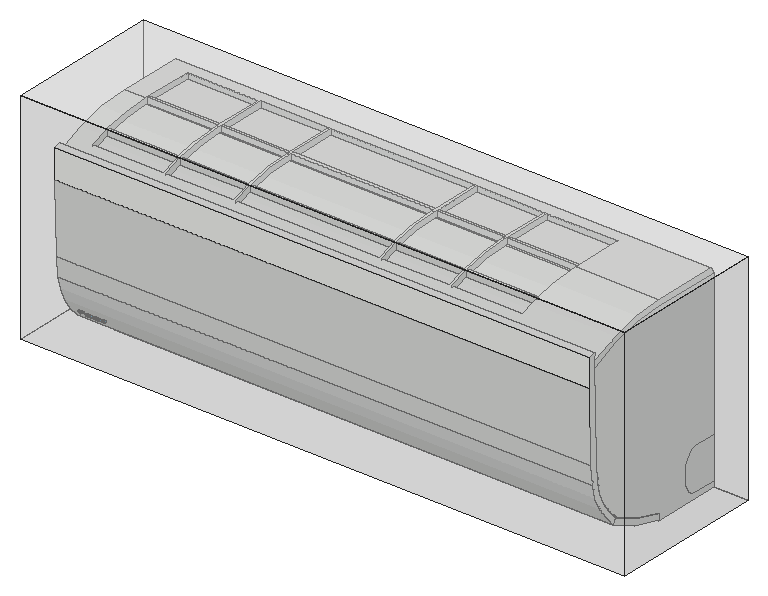
Revit family "outputfile", category 機械設備, Revit 2024
Family settings
  丸型コネクタ寸法 = 半径を使用
  パーツ タイプ = 標準
  OmniClass 番号 = 23.75.10.24.21.27.27
  OmniClass タイトル = Split System Air Conditioning Units
  作業面ベース = いいえ
  常に垂直 = はい
  ロード時にボイドで切り取り = いいえ
  注釈の向きを維持 = いいえ
  共有 = いいえ
  部屋計算ポイント = いいえ
Parameters (values of type "FTKF35T2VMA")
  Description = ""
  書き出し IFC クラス(タイプ) = "IfcUnitaryEquipmentType"
  定義済み IFC タイプ(タイプ) = "AIRCONDITIONINGUNIT"
  Cost = 0
  Type Comments = ""
  Keynote = ""
  Type Image = (empty or 0)
  Assembly Code = ""
  w_wall hole = if(Width = 770.0 mm, 48.0 mm, 60.0 mm)  # 48.0 mm
  製造元 = "Daikin"
  モデル = "FTKF35T2VMA"
  switch_frequency = yes
  r_Liquid Pipe Size = Liquid Pipe Size / 2  # 3.2 mm
  r_Gas Pipe Size = Gas Pipe Size / 2  # 4.75 mm
  r_Drain Pipe Size = Drain Pipe Size / 2  # 8.0 mm
  lw_powersupply [instance] = if(Width = 770.0 mm, if(or(Rear Right Connection_refrigerant, Bottom Right Connection_refrigerant), 25.0 mm, if(or(Rear Left Connection_refrigerant, Bottom Left Connection_refrigerant), 745.0 mm, 400.0 mm)), if(Width = 990.0 mm, if(or(Rear Right Connection_refrigerant, Bottom Right Connection_refrigerant), 40.0 mm, if(or(Rear Left Connection_refrigerant, Bottom Left Connection_refrigerant), 920.0 mm, 400.0 mm)), if(or(Rear Right Connection_refrigerant, Bottom Right Connection_refrigerant), 40.0 mm, if(or(Rear Left Connection_refrigerant, Bottom Left Connection_refrigerant), 920.0 mm, 400.0 mm))))  # 400.0 mm
  lw_liquidpipe [instance] = if(Width = 770.0 mm, if(or(Rear Right Connection_refrigerant, Bottom Right Connection_refrigerant), 0.0 mm, if(or(Rear Left Connection_refrigerant, Bottom Left Connection_refrigerant), 664.0 mm, 385.0 mm)), if(Width = 990.0 mm, if(or(Rear Right Connection_refrigerant, Bottom Right Connection_refrigerant), 0.0 mm, if(or(Rear Left Connection_refrigerant, Bottom Left Connection_refrigerant), 664.0 mm + (990.0 mm - 770.0 mm), 475.0 mm)), if(or(Rear Right Connection_refrigerant, Bottom Right Connection_refrigerant), 0.0 mm, if(or(Rear Left Connection_refrigerant, Bottom Left Connection_refrigerant), 664.0 mm + (990.0 mm - 770.0 mm), 475.0 mm))))  # 385.0 mm
  lw_gaspipe [instance] = if(Width = 770.0 mm, if(or(Rear Right Connection_refrigerant, Bottom Right Connection_refrigerant), 0.0 mm, if(or(Rear Left Connection_refrigerant, Bottom Left Connection_refrigerant), 675.0 mm, if(Gas Pipe Size = 12.7 mm, 345.0 mm, 335.0 mm))), if(Width = 990.0 mm, if(or(Rear Right Connection_refrigerant, Bottom Right Connection_refrigerant), 10.0 mm, if(or(Rear Left Connection_refrigerant, Bottom Left Connection_refrigerant), 890.0 mm, if(Gas Pipe Size = 15.9 mm, 400.0 mm, 400.0 mm))), if(or(Rear Right Connection_refrigerant, Bottom Right Connection_refrigerant), 10.0 mm, if(or(Rear Left Connection_refrigerant, Bottom Left Connection_refrigerant), 890.0 mm, if(Gas Pipe Size = 15.9 mm, 400.0 mm, 400.0 mm)))))  # 335.0 mm
  lw_drainpipe [instance] = if(Width = 770.0 mm, if(or(Rear Right Connection_refrigerant, Bottom Right Connection_refrigerant), 0.0 mm, if(or(Rear Left Connection_refrigerant, Bottom Left Connection_refrigerant), 770.0 mm - 48.0 mm - 48.0 mm, 440.0 mm)), if(Width = 990.0 mm, if(or(Rear Right Connection_refrigerant, Bottom Right Connection_refrigerant), 0.0 mm, if(or(Rear Left Connection_refrigerant, Bottom Left Connection_refrigerant), 675.0 mm + (990.0 mm - 770.0 mm), 435.0 mm)), if(or(Rear Right Connection_refrigerant, Bottom Right Connection_refrigerant), 0.0 mm, if(or(Rear Left Connection_refrigerant, Bottom Left Connection_refrigerant), 675.0 mm + (990.0 mm - 770.0 mm), 435.0 mm))))  # 440.0 mm
  l_powersupply_length [instance] = if(Width = 770.0 mm, if(Right Connection_refrigerant, 400.0 mm, if(Left Connection_refrigerant, 770.0 mm - 400.0 mm, if(or(Rear Left Connection_refrigerant, Rear Right Connection_refrigerant), 15.0 mm, 50.0 mm))), if(Width = 990.0 mm, if(Right Connection_refrigerant, 400.0 mm, if(Left Connection_refrigerant, 990.0 mm - 400.0 mm, if(or(Rear Left Connection_refrigerant, Rear Right Connection_refrigerant), 15.0 mm, 50.0 mm))), if(Right Connection_refrigerant, 400.0 mm, if(Left Connection_refrigerant, 990.0 mm - 400.0 mm, if(or(Rear Left Connection_refrigerant, Rear Right Connection_refrigerant), 15.0 mm, 50.0 mm)))))  # 400.0 mm
  l_liquidpipe_length [instance] = if(Width = 770.0 mm, if(Right Connection_refrigerant, 433.0 mm, if(Left Connection_refrigerant, 337.0 mm, if(or(Rear Left Connection_refrigerant, Rear Right Connection_refrigerant), 30.0 mm, 40.0 mm))), if(Width = 990.0 mm, if(Right Connection_refrigerant, 535.0 mm, if(Left Connection_refrigerant, 455.0 mm, if(or(Rear Left Connection_refrigerant, Rear Right Connection_refrigerant), 30.0 mm, 40.0 mm))), if(Right Connection_refrigerant, 535.0 mm, if(Left Connection_refrigerant, 455.0 mm, if(or(Rear Left Connection_refrigerant, Rear Right Connection_refrigerant), 30.0 mm, 40.0 mm)))))  # 433.0 mm
  l_gaspipe_length [instance] = if(Width = 770.0 mm, if(Right Connection_refrigerant, if(Gas Pipe Size = 12.7 mm, 393.0 mm, 383.0 mm), if(Left Connection_refrigerant, if(Gas Pipe Size = 12.7 mm, 770.0 mm - 393.0 mm, 770.0 mm - 383.0 mm), if(or(Rear Left Connection_refrigerant, Rear Right Connection_refrigerant), 40.0 mm, 50.0 mm))), if(Width = 990.0 mm, if(Right Connection_refrigerant, if(Gas Pipe Size = 15.9 mm, 460.0 mm, 460.0 mm), if(Left Connection_refrigerant, if(Gas Pipe Size = 15.9 mm, 990.0 mm - 460.0 mm, 990.0 mm - 460.0 mm), if(or(Rear Left Connection_refrigerant, Rear Right Connection_refrigerant), 40.0 mm, 50.0 mm))), if(Right Connection_refrigerant, if(Gas Pipe Size = 15.9 mm, 460.0 mm, 460.0 mm), if(Left Connection_refrigerant, if(Gas Pipe Size = 15.9 mm, 990.0 mm - 460.0 mm, 990.0 mm - 460.0 mm), if(or(Rear Left Connection_refrigerant, Rear Right Connection_refrigerant), 40.0 mm, 50.0 mm)))))  # 383.0 mm
  l_drainpipe_length [instance] = if(Width = 770.0 mm, if(Right Connection_refrigerant, 488.0 mm, if(Left Connection_refrigerant, 282.0 mm, if(or(Rear Left Connection_refrigerant, Rear Right Connection_refrigerant), 15.0 mm, 20.0 mm))), if(Width = 990.0 mm, if(Right Connection_refrigerant, 495.0 mm, if(Left Connection_refrigerant, 495.0 mm, if(or(Rear Left Connection_refrigerant, Rear Right Connection_refrigerant), 15.0 mm, 20.0 mm))), if(Right Connection_refrigerant, 495.0 mm, if(Left Connection_refrigerant, 495.0 mm, if(or(Rear Left Connection_refrigerant, Rear Right Connection_refrigerant), 15.0 mm, 20.0 mm)))))  # 488.0 mm
  h*** = 0.0 mm  # constant formula
  connector_voltage = Voltage_50Hz  # 230 V
  connector_powerinput = [Power Input (Cooling)]  # 0.000 kW
  connector_phase = Phase_50Hz  # 1
  angle_vertical [instance] = if(or(Bottom Left Connection_refrigerant, Bottom Right Connection_refrigerant), 0.00°, 90.00°)  # 90.00°
  angle_horizontal [instance] = if(Right Connection_refrigerant, 90.00°, if(Left Connection_refrigerant, -90.00°, if(or(Rear Left Connection_refrigerant, Rear Right Connection_refrigerant), 180.00°, 0.00°)))  # 90.00°
  Width = 770.0 mm
  Voltage_comment_50Hz = "220 - 240"
  Voltage_50Hz = 230 V
  Version = "ver.1.0"
  Unit Type = "Wall Mounted"
  Unit Mass Weight = 9.00 kg
  Unit Designation [instance] = ""
  Uniclass2015Version = "Products v1.30"
  Uniclass2015Title = "Split coil room air conditioning units"
  Uniclass2015Code = "Pr_70_65_03_86"
  URL = ""
  Total Cooling Capacity [instance] = 0.000 kW
  Sound Pressure Level_M speed (dBA) = 35
  Sound Pressure Level_L speed (dBA) = 28
  Sound Pressure Level_H speed (dBA) = 42
  Sound Power Level_H speed (dB) = 0
  Series = "Single Split_Fan Coil Unit"
  Sensible Cooling Capacity [instance] = 0.000 kW
  Refrigerant Type = "R32"
  Power Input (Cooling) = 0.000 kW
  Phase_50Hz = 1
  Option Accessory 3 [instance] = ""
  Option Accessory 2 [instance] = ""
  Option Accessory 1 [instance] = ""
  Nominal Cooling Capacity = 3.500 kW
  Minimum Circuit Amps_50Hz = 0.0 A
  Minimum Airflow = 342.00 m³/h
  Median Airflow = 456.00 m³/h
  Maximum Fuse Amps_50Hz = 0.0 A
  Maximum Airflow = 624.00 m³/h
  Material_Casing = DAIKIN_PureWhite_Casing_indoorunit
  Load Classification = HVAC
  Liquid Pipe Size = 6.4 mm
  Link_Nested Family [instance] = ""
  IfcVersion = ""
  IfcExportType = "AIRCONDITIONINGUNIT"
  IfcExportAs = "IfcUnitaryEquipmentType"
  Height = 285.0 mm
  Heat Exchanger Type = "Cross Fin Coil"
  Gas Pipe Size = 9.5 mm
  Frequency_50Hz = 50 Hz
  Fan Type = "Cross Flow Fan"
  Fan Drive = "Direct Drive"
  FCU Tag No. [instance] = ""
  Drain Pipe Size = 16.0 mm
  Design Supply Airflow [instance] = 0.00 m³/h
  Depth = 223.0 mm
  既定の高さ = 0.0 mm
  Cooling Entering Wet Bulb Temperature [instance] = 0.00 °C
  Cooling Entering Dry Bulb Temperature [instance] = 0.00 °C
  Cooling Ambient Wet Bulb Temperature [instance] = 0.00 °C
  Cooling Ambient Dry Bulb Temperature [instance] = 0.00 °C
  Clearance visibility [instance] = yes
  Clearance Top = 30.0 mm
  Clearance Right = 50.0 mm
  Clearance Rear = 0.0 mm
  Clearance Left = 50.0 mm
  Clearance Front = 0.0 mm
  Clearance Bottom = 0.0 mm
  Bottom Right Connection_refrigerant [instance] = no
  Bottom Left Connection_refrigerant [instance] = no
  Rear Right Connection_refrigerant [instance] = no
  Rear Left Connection_refrigerant [instance] = no
  Right Connection_refrigerant [instance] = yes
  Left Connection_refrigerant [instance] = no
Reference planes
  plane 1 "Back": y = 0
  plane 2: z = 0
  plane 3 "Center (Left/Right)": x = 0
  plane 4 "Center (Front/Back)": y = -111.5
  plane 5 "Front": y = -223
  plane 6 "Left": x = -385
  plane 7 "Right": x = 385
  plane 8 "Top": z = 0
  plane 9 "Bottom": z = -285
  plane 10: x = -435
  plane 11: x = 435
  plane 12: y = 0
  plane 13: y = -223
  plane 14: z = 30
  plane 15: z = -285
  plane 16 "lw_Piping and Wiring intake": x = 337
  plane 17 "lw_gaspipe": x = 2
  plane 18 "lw_liquidpipe": x = -48
  plane 19 "lw_drainpipe": x = -103
  plane 20 "lh_drainpipe": z = -265
  plane 21 "lh_liquidpipe": z = -245
  plane 22 "lh_gaspipe": z = -235
  plane 23 "ld_drainpipe": y = -15
  plane 24 "ld_liquidpipe": y = -30
  plane 25 "ld_gaspipe": y = -40
  plane 26 "lw_powersupply": x = -15
Dimensions and locks
  equal spacing: plane 6 "Left", plane 3 "Center (Left/Right)", plane 7 "Right"
  "Width": plane 6 "Left" to plane 7 "Right"
  equal spacing: plane 5 "Front", plane 4 "Center (Front/Back)", plane 1 "Back"
  "Depth": plane 5 "Front" to plane 1 "Back"
  "Height": plane 8 "Top" to plane 9 "Bottom"
  "Clearance Rear": plane 12 to plane 1 "Back"
  "Clearance Front": plane 13 to plane 5 "Front"
  "Clearance Top": plane 14 to plane 8 "Top"
  "Clearance Bottom": plane 9 "Bottom" to plane 15
  "w_wall hole": plane 16 "lw_Piping and Wiring intake" to plane 7 "Right"
  "lw_gaspipe": plane 17 "lw_gaspipe" to plane 16 "lw_Piping and Wiring intake"
  "lw_liquidpipe": plane 18 "lw_liquidpipe" to plane 16 "lw_Piping and Wiring intake"
  "lw_drainpipe": plane 19 "lw_drainpipe" to plane 16 "lw_Piping and Wiring intake"
  locked: plane 20 "lh_drainpipe" to plane 9 "Bottom" at 20
  locked: plane 21 "lh_liquidpipe" to plane 9 "Bottom" at 40
  locked: plane 22 "lh_gaspipe" to plane 9 "Bottom" at 50
  locked: plane 23 "ld_drainpipe" to plane 1 "Back" at 15
  locked: plane 1 "Back" to plane 24 "ld_liquidpipe" at 30
  locked: plane 1 "Back" to plane 25 "ld_gaspipe" at 40
  "lw_powersupply": plane 26 "lw_powersupply" to plane 7 "Right"
  "Clearance Left": plane 10 to plane 6 "Left"
  "Clearance Right": plane 7 "Right" to plane 11
  aligned and locked: level to plane 2
  aligned and locked: plane 12 to nested 1
  aligned and locked: nested 1 to plane 13
  aligned and locked: plane 10 to nested 1
  aligned and locked: plane 11 to nested 1
  aligned and locked: plane 15 to nested 1
  aligned and locked: plane 14 to nested 1
  aligned and locked: plane 17 "lw_gaspipe" to nested 2
  aligned and locked: nested 2 to plane 25 "ld_gaspipe"
  aligned and locked: plane 18 "lw_liquidpipe" to nested 3
  aligned and locked: nested 3 to plane 24 "ld_liquidpipe"
  aligned and locked: plane 19 "lw_drainpipe" to nested 4
  aligned and locked: nested 4 to plane 23 "ld_drainpipe"
  aligned and locked: nested 5 to plane 23 "ld_drainpipe"
  aligned and locked: plane 26 "lw_powersupply" to nested 5
  aligned and locked: level to plane 8 "Top"
  aligned and locked: plane 3 "Center (Left/Right)" to nested 6
  aligned and locked: plane 1 "Back" to nested 6
  aligned and locked: plane 8 "Top" to nested 6
Nested families
  nested 1: "daikin_clearancespace" at (0, -111.5, -127.381), show <- "Clearance visibility", visible <- "Clearance visibility", Link_Nested Family <- "Link_Nested Family", type "daikin_clearancespace"
    with width 870.0 mm, show yes, height 315.0 mm, depth 223.0 mm, Link_Nested Family ""
  nested 2: "daikin_connector_rotate3" at (2, -40, -235), angle_vertical <- "angle_vertical", angle_horizontal <- "angle_horizontal", length <- "l_gaspipe_length", radius <- "r_Gas Pipe Size", type "daikin_connector_rotate3"
    with show no, radius 4.75 mm, length 383.0 mm, angle_vertical 90.00°, angle_horizontal 90.00°
  nested 3: "daikin_connector_rotate3" at (-48, -30, -245), angle_vertical <- "angle_vertical", angle_horizontal <- "angle_horizontal", radius <- "r_Liquid Pipe Size", length <- "l_liquidpipe_length", type "daikin_connector_rotate3"
    with show no, radius 3.2 mm, length 433.0 mm, angle_vertical 90.00°, angle_horizontal 90.00°
  nested 4: "daikin_connector_rotate3" at (-103, -15, -265), angle_vertical <- "angle_vertical", angle_horizontal <- "angle_horizontal", length <- "l_drainpipe_length", radius <- "r_Drain Pipe Size", type "daikin_connector_rotate3"
    with show no, radius 8.0 mm, length 488.0 mm, angle_vertical 90.00°, angle_horizontal 90.00°
  nested 5: "daikin_connector_rotate3" at (-15, -15, -235), angle_vertical <- "angle_vertical", angle_horizontal <- "angle_horizontal", length <- "l_powersupply_length", type "daikin_connector_rotate3"
    with show no, radius 10.0 mm, length 400.0 mm, angle_vertical 90.00°, angle_horizontal 90.00°
  nested 6: "DAIKIN_indoorunit_FTKF-T2VMA" at (-31, 0, 0), type "FTKF-T2VMA"
Connectors
  piping at (385, -40, -235), diameter 9.5, driven by "r_Gas Pipe Size"
    settings: on nested 2, index 1, connector inside diameter 609.6 mm, connector length 0.0 mm, flow factor 0, pipe flow 0.00 m³/h, pressure drop 0.0 Pa, fitting loss kfactor 0, connector angle 0.00°, fixture units 0, engagement length 0.0 mm, angle of deflection 0.00°, flow configuration 1, flow direction 2, fitting loss method 0, system type 29, joint type 0, gender type 0, connector reference index -1, connector utility 0, adjustable connector no, is connector primary yes, connector description "Refrigerant Gas Piping"
  piping at (385, -30, -245), diameter 6.4, driven by "r_Liquid Pipe Size"
    settings: on nested 3, index 2, connector inside diameter 609.6 mm, connector length 0.0 mm, flow factor 0, pipe flow 0.00 m³/h, pressure drop 0.0 Pa, fitting loss kfactor 0, connector angle 0.00°, fixture units 0, engagement length 0.0 mm, angle of deflection 0.00°, flow configuration 1, flow direction 1, fitting loss method 0, system type 29, joint type 0, gender type 0, connector reference index -1, connector utility 0, adjustable connector no, is connector primary no, connector description "Refrigerant Liquid Piping"
  piping at (385, -15, -265), diameter 16, driven by "r_Drain Pipe Size"
    settings: on nested 4, index 3, connector inside diameter 609.6 mm, connector length 0.0 mm, flow factor 0, pipe flow 0.00 m³/h, pressure drop 0.0 Pa, fitting loss kfactor 0, connector angle 0.00°, fixture units 0, engagement length 0.0 mm, angle of deflection 0.00°, flow configuration 1, flow direction 2, fitting loss method 4, system type 16, joint type 0, gender type 0, connector reference index -1, connector utility 0, adjustable connector no, is connector primary no, connector description "Condensate Drain Piping"
  electrical at (385, -15, -235), driven by "Load Classification", driven by "connector_voltage", driven by "connector_powerinput", driven by "connector_phase"
    settings: on nested 5, index 4, voltage 230 V, apparent load 0 VA, apparent load phase1 0 VA, apparent load phase2 0 VA, apparent load phase3 0 VA, power factor 1, load classification "HVAC", number of poles 1, system type 30, power factor state 1, is connector primary yes, connector utility no, sub classification motor no, connector description "Power Supply"
Definition of nested family "daikin_clearancespace"
  Parameters (values of type "daikin_clearancespace")
    Description = "daikin_clearancespace"
    width [instance] = 1823.963 mm
    show [instance] = yes
    material = none
    height [instance] = 1359.762 mm
    depth [instance] = 880.0 mm
    Default Elevation = 0.0 mm
    Link_Nested Family [instance] = ""
  Reference planes
    plane 1 "Center (Front/Back)": y = 0
    plane 2 "Center (Elevation)": z = -0.119
    plane 3 "Center (Left/Right)": x = 0
    plane 4: y = 440
    plane 5: y = -440
    plane 6 "Right": x = 911.982
    plane 7 "Left": x = -911.982
    plane 8 "Top": z = 679.762
    plane 9 "Bottom": z = -680
  Forms (mm)
    Extrusion 1, solid, material <- "material", visible <- "show"
      sketch origin (0, 0, 0) x (1, 0, 0) y (0, 1, 0)
        loop
          line (-911.982, 440) -> (-911.982, -440) -> (911.982, -440) -> (911.982, 440) -> (-911.982, 440)
      from -680 to 679.762
  Lines and regions (mm)
    symbolic lines, visible <- "show"
      curve 1: line (911.982, 440, 0) -> (-911.982, 440, 0)
      curve 2: line (-911.982, 440, 0) -> (-911.982, -440, 0)
      curve 3: line (-911.982, -440, 0) -> (911.982, -440, 0)
      curve 4: line (911.982, -440, 0) -> (911.982, 440, 0)
      curve 5: line (911.982, 0, 679.762) -> (-911.982, 0, 679.762)
      curve 6: line (911.982, 0, -680) -> (911.982, 0, 679.762)
      curve 7: line (-911.982, 0, -680) -> (911.982, 0, -680)
      curve 8: line (-911.982, 0, 679.762) -> (-911.982, 0, -680)
      curve 9: line (0, 440, 679.762) -> (0, -440, 679.762)
      curve 10: line (0, -440, 679.762) -> (0, -440, -680)
      curve 11: line (0, 440, -680) -> (0, 440, 679.762)
      curve 12: line (0, -440, -680) -> (0, 440, -680)
  Dimensions and locks
    "width": plane 7 "Left" to plane 6 "Right"
    "depth": plane 4 to plane 5
    "height": plane 8 "Top" to plane 9 "Bottom"
    equal spacing: plane 7 "Left", plane 3 "Center (Left/Right)", plane 6 "Right"
    equal spacing: plane 4, plane 1 "Center (Front/Back)", plane 5
    equal spacing: plane 8 "Top", plane 2 "Center (Elevation)", plane 9 "Bottom"
    aligned and locked: level to plane 2 "Center (Elevation)"
    aligned and locked: Extrusion 1 sketch curve to plane 4
    aligned and locked: plane 7 "Left" to Extrusion 1 sketch curve
    aligned and locked: Extrusion 1 sketch curve to plane 5
    aligned and locked: Extrusion 1 sketch curve to plane 6 "Right"
    aligned and locked: plane 8 "Top" to Extrusion 1
    aligned and locked: curve 1 to Extrusion 1
    aligned and locked: curve 2 to Extrusion 1
    aligned and locked: curve 3 to Extrusion 1
    aligned and locked: curve 4 to Extrusion 1
    aligned and locked: curve 5 to Extrusion 1
    aligned and locked: curve 6 to Extrusion 1
    aligned and locked: curve 7 to Extrusion 1
    aligned and locked: curve 8 to Extrusion 1
    aligned and locked: curve 9 to Extrusion 1
    aligned and locked: curve 10 to Extrusion 1
    aligned and locked: curve 11 to Extrusion 1
    aligned and locked: curve 12 to Extrusion 1
    aligned and locked: Extrusion 1 to plane 9 "Bottom"
Definition of nested family "DAIKIN_indoorunit_FTKF-T2VMA"
  Parameters (values of type "FTKF-TVMA")
    switch_unit1_60-71 = Width = 990.0 mm  # no
    switch_unit1_20-50 = Width = 770.0 mm  # yes
    Width = 770.0 mm
    WALL HOLE-R = if(Width = 770.0 mm, 48.0 mm, 60.0 mm)  # 48.0 mm
    WALL HOLE Size = if(Width = 770.0 mm, 65.0 mm, 80.0 mm)  # 65.0 mm
    Material_Casing = none
    Height = if(Width = 770.0 mm, 285.0 mm, 295.0 mm)  # 285.0 mm
    Default Elevation = 0.0 mm
  Reference planes
    plane 1 "Center (Front/Back)": y = 0
    plane 2 "reference_level": z = 0
    plane 3 "Center (Left/Right)": x = 31
    plane 4: x = -354
    plane 5: x = 416
    plane 6: z = -285
  Forms (mm)
    Extrusion 1, solid, material <- "Material_Casing", visible <- "switch_unit1_20-50"
      sketch origin (29, 0, 0) x (0, 1, 0) y (0, 0, 1)
        loop
          line (-5, 0) -> (-98, 0)
          arc (-98, 0) -> (-157.611, -7.211) -> (-213.783, -28.427) r 250
          arc (-213.783, -28.427) -> (-213.842, -32.972) -> (-213.892, -37.516) r 2191
          arc (-213.892, -37.516) -> (-157.832, -15.495) -> (-98.07, -8) r 242
          line (-98.07, -8) -> (0, -8) -> (-5, 0)
      from -383 to 387
    Extrusion 2, solid, material <- "Material_Casing", visible <- "switch_unit1_20-50"
      sketch origin (416, 1296.25, 1200) x (0, 1, 0) y (0, 0, 1)
        loop
          line (-1472.998, -1446.91) -> (-1476.998, -1453.839)
          arc (-1476.998, -1453.839) -> (-1437.481, -1472.422) -> (-1395.25, -1483.538) r 240
          line (-1395.25, -1483.538) -> (-1395.25, -1475.422)
          arc (-1395.25, -1475.422) -> (-1435.407, -1464.663) -> (-1472.998, -1446.91) r 232
      from 0 to -47.5
    Extrusion 3, solid, material <- "Material_Casing", visible <- "switch_unit1_20-50"
      sketch origin (29, 0, 0) x (0, 1, 0) y (0, 0, 1)
        loop
          arc (-223, -60.455) -> (-222.414, -110.646) -> (-220.656, -160.81) r 2149.92
          arc (-220.656, -160.81) -> (-219.65, -174.299) -> (-217.853, -187.706) r 229.911
          arc (-217.853, -187.706) -> (-205.371, -223.594) -> (-181.517, -253.17) r 111
          line (-181.517, -253.17) -> (-177.429, -246.093)
          arc (-177.429, -246.093) -> (-198.77, -218.989) -> (-209.965, -186.36) r 103
          arc (-209.965, -186.36) -> (-211.681, -173.586) -> (-212.651, -160.735) r 221.844
          arc (-212.651, -160.735) -> (-214.739, -93.233) -> (-214.74, -25.699) r 2186.828
          arc (-214.74, -25.699) -> (-214.671, -21.467) -> (-214.594, -17.235) r 2192
          line (-214.594, -17.235) -> (-223, -19.961) -> (-223, -60.455)
      from -383 to 387
    Extrusion 4, solid, material <- "Material_Casing", visible <- "switch_unit1_20-50"
      sketch origin (29, 0, -20) x (0, 1, 0) y (0, 0, 1)
        loop
          line (0, -265) -> (0, 12) -> (-98.07, 12)
          arc (-98.07, 12) -> (-157.832, 4.505) -> (-213.892, -17.516) r 242
          arc (-213.892, -17.516) -> (-213.638, -79.114) -> (-211.653, -140.681) r 2191
          arc (-211.653, -140.681) -> (-210.685, -153.501) -> (-208.973, -166.243) r 221
          arc (-208.973, -166.243) -> (-197.471, -199.282) -> (-175.482, -226.491) r 102
          arc (-175.482, -226.491) -> (-138.004, -244.019) -> (-98, -254.579) r 231
          line (-98, -254.579) -> (-98, -265) -> (0, -265)
      from -383 to 387
    Extrusion 5, solid, material <- "Material_Casing", visible <- "switch_unit1_20-50"
      sketch origin (-354, 1296.25, 1200) x (0, 1, 0) y (0, 0, 1)
        loop
          line (-1472.998, -1446.91) -> (-1476.998, -1453.839)
          arc (-1476.998, -1453.839) -> (-1437.481, -1472.422) -> (-1395.25, -1483.538) r 240
          line (-1395.25, -1483.538) -> (-1395.25, -1475.422)
          arc (-1395.25, -1475.422) -> (-1435.407, -1464.663) -> (-1472.998, -1446.91) r 232
      from 47 to 0
    Extrusion 6, solid, material <- "Material_Casing", visible <- "switch_unit1_20-50"
      sketch origin (416, 1296.25, 1200) x (0, 1, 0) y (0, 0, 1)
        loop
          line (-1472.998, -1446.91) -> (-1476.998, -1453.839)
          arc (-1476.998, -1453.839) -> (-1443.437, -1470.168) -> (-1407.75, -1481.097) r 240
          line (-1407.75, -1481.097) -> (-1407.75, -1472.894)
          arc (-1407.75, -1472.894) -> (-1441.363, -1462.385) -> (-1472.998, -1446.91) r 232
      from -116.993 to -48.493
    Extrusion 7, solid, material <- "Material_Casing", visible <- "switch_unit1_20-50"
      sketch origin (416, 1296.25, 1200) x (0, 1, 0) y (0, 0, 1)
        loop
          line (-1472.998, -1446.91) -> (-1476.998, -1453.839)
          arc (-1476.998, -1453.839) -> (-1443.437, -1470.168) -> (-1407.75, -1481.097) r 240
          line (-1407.75, -1481.097) -> (-1407.75, -1472.894)
          arc (-1407.75, -1472.894) -> (-1441.363, -1462.385) -> (-1472.998, -1446.91) r 232
      from -717 to -121.993
    Extrusion 8, void
      sketch origin (31, 0, -235) x (1, 0, 0) y (0, 1, 0)
        loop
          line (-252.674, -22.316) -> (-354.941, -22.316) -> (-354.941, -91.341) -> (-252.674, -91.341) -> (-252.674, -22.316)
        loop
          line (-249.341, -91.341) -> (-151.574, -91.341) -> (-151.574, -22.316) -> (-249.341, -22.316) -> (-249.341, -91.341)
        loop
          line (58.309, -22.316) -> (-148.309, -22.316) -> (-148.309, -91.341) -> (58.309, -91.341) -> (58.309, -22.316)
        loop
          line (61.689, -22.316) -> (61.689, -91.341) -> (159.457, -91.341) -> (159.457, -22.316) -> (61.689, -22.316)
        loop
          line (162.789, -22.316) -> (162.789, -91.341) -> (265.057, -91.341) -> (265.057, -22.316) -> (162.789, -22.316)
        loop
          line (-354.941, -94.659) -> (-354.941, -165.259) -> (-252.674, -165.259) -> (-252.674, -94.659) -> (-354.941, -94.659)
        loop
          line (-249.341, -94.659) -> (-249.341, -165.259) -> (-151.574, -165.259) -> (-151.574, -94.659) -> (-249.341, -94.659)
        loop
          line (-148.309, -94.659) -> (-148.309, -165.259) -> (58.309, -165.259) -> (58.309, -94.659) -> (-148.309, -94.659)
        loop
          line (61.689, -94.659) -> (61.689, -165.259) -> (159.457, -165.259) -> (159.457, -94.659) -> (61.689, -94.659)
        loop
          line (162.789, -94.659) -> (162.789, -165.259) -> (265.057, -165.259) -> (265.057, -94.659) -> (162.789, -94.659)
        loop
          line (-354.941, -167.382) -> (-354.941, -192.681) -> (-252.674, -192.681) -> (-252.674, -167.382) -> (-354.941, -167.382)
        loop
          line (-249.341, -167.382) -> (-249.341, -192.681) -> (-151.574, -192.681) -> (-151.574, -167.382) -> (-249.341, -167.382)
        loop
          line (-148.309, -167.382) -> (-148.309, -192.681) -> (58.309, -192.681) -> (58.309, -167.382) -> (-148.309, -167.382)
        loop
          line (159.457, -167.382) -> (61.689, -167.382) -> (61.689, -192.681) -> (159.457, -192.681) -> (159.457, -167.382)
        loop
          line (265.057, -167.382) -> (162.789, -167.382) -> (162.789, -192.681) -> (265.057, -192.681) -> (265.057, -167.382)
      from 201.638 to 250
    Extrusion 9, solid, material <- "Material_Casing"
      sketch origin (31, 0, 0) x (1, 0, 0) y (0, 0, 1)
        loop
          circle (337, -240.5) r 32.5
        loop
          circle (-337, -240.5) r 32.5
      from 0 to 5
    Extrusion 10, solid, material <- "Material_Casing", visible <- "switch_unit1_20-50"
      sketch origin (416, 1296.25, 1200) x (0, -1, 0) y (0, 0, 1)
        loop
          line (1326.25, -1417) -> (1296.25, -1417) -> (1296.25, -1477) -> (1326.25, -1477)
          arc (1326.25, -1477) -> (1340.393, -1471.142) -> (1346.25, -1457) r 20
          line (1346.25, -1457) -> (1346.25, -1437)
          arc (1346.25, -1437) -> (1340.393, -1422.858) -> (1326.25, -1417) r 20
      from 0 to 5
    Extrusion 11, solid, material <- "Material_Casing", visible <- "switch_unit1_20-50"
      sketch origin (-354, 1296.25, 1200) x (0, 1, 0) y (0, 0, 1)
        loop
          line (-1296.25, -1417) -> (-1326.25, -1417)
          arc (-1326.25, -1417) -> (-1340.393, -1422.858) -> (-1346.25, -1437) r 20
          line (-1346.25, -1437) -> (-1346.25, -1457)
          arc (-1346.25, -1457) -> (-1340.393, -1471.142) -> (-1326.25, -1477) r 20
          line (-1326.25, -1477) -> (-1296.25, -1477) -> (-1296.25, -1417)
      from 0 to 5
    Extrusion 12, solid, material <- "Material_Casing", visible <- "switch_unit1_20-50"
      sketch origin (31, 0, -285) x (-1, 0, 0) y (0, -1, 0)
        loop
          line (-314, 0) -> (-314, 30)
          arc (-314, 30) -> (-319.858, 44.142) -> (-334, 50) r 20
          line (-334, 50) -> (-354, 50)
          arc (-354, 50) -> (-368.142, 44.142) -> (-374, 30) r 20
          line (-374, 30) -> (-374, 0) -> (-314, 0)
        loop
          line (374, 0) -> (374, 30)
          arc (374, 30) -> (368.142, 44.142) -> (354, 50) r 20
          line (354, 50) -> (334, 50)
          arc (334, 50) -> (319.858, 44.142) -> (314, 30) r 20
          line (314, 30) -> (314, 0) -> (374, 0)
      from 0 to 5
    Extrusion 13, solid, material <- "Material_Casing", visible <- "switch_unit1_60-71"
      sketch origin (31, 0, 0) x (0, 1, 0) y (0, 0, 1)
        loop
          line (-5, 0) -> (-138, 0)
          arc (-138, 0) -> (-197.611, -7.211) -> (-253.783, -28.427) r 250
          arc (-253.783, -28.427) -> (-253.838, -32.687) -> (-253.886, -36.946) r 2191
          arc (-253.886, -36.946) -> (-197.73, -15.346) -> (-138.014, -8) r 246.393
          line (-138.014, -8) -> (0, -8) -> (-5, 0)
      from -495 to 495
    Extrusion 14, solid, material <- "Material_Casing", visible <- "switch_unit1_60-71"
      sketch origin (418, 1296.25, 1200) x (0, 1, 0) y (0, 0, 1)
        loop
          arc (-1515.208, -1454.149) -> (-1506.856, -1460.599) -> (-1497.925, -1466.219) r 110
          arc (-1497.925, -1466.219) -> (-1445.718, -1487.493) -> (-1389.844, -1494.995) r 223
          line (-1389.844, -1494.995) -> (-1389.844, -1486.086) -> (-1404.386, -1486.086)
          arc (-1404.386, -1486.086) -> (-1449.542, -1477.46) -> (-1491.818, -1459.402) r 214.289
          arc (-1491.818, -1459.402) -> (-1501.056, -1453.541) -> (-1509.606, -1446.715) r 101
          line (-1509.606, -1446.715) -> (-1515.208, -1454.149)
      from 108 to 57.5
    Extrusion 15, solid, material <- "Material_Casing", visible <- "switch_unit1_60-71"
      sketch origin (31, 0, 0) x (0, 1, 0) y (0, 0, 1)
        loop
          line (-263, -19.962) -> (-263, -61.6)
          arc (-263, -61.6) -> (-262.414, -110.219) -> (-260.656, -158.81) r 2017.341
          arc (-260.656, -158.81) -> (-255.648, -191.935) -> (-244.041, -223.362) r 164.725
          arc (-244.041, -223.362) -> (-233.569, -239.793) -> (-219.717, -253.495) r 87.379
          line (-219.717, -253.495) -> (-214.706, -246.846)
          arc (-214.706, -246.846) -> (-229.564, -230.029) -> (-240.385, -210.371) r 102
          arc (-240.385, -210.371) -> (-249.049, -182.962) -> (-252.848, -154.467) r 165.789
          arc (-252.848, -154.467) -> (-254.771, -90.102) -> (-254.74, -25.708) r 2122.533
          arc (-254.74, -25.708) -> (-254.671, -21.469) -> (-254.594, -17.23) r 2192
          line (-254.594, -17.23) -> (-263, -19.962)
      from -495 to 495
    Extrusion 16, void
      sketch origin (33, 0, 0) x (1, 0, 0) y (0, 1, 0)
        loop
          line (-466.909, -22.316) -> (-466.909, -111.341) -> (-366.303, -111.341) -> (-366.303, -22.316) -> (-466.909, -22.316)
        loop
          line (-362.71, -22.316) -> (-362.71, -111.341) -> (-262.103, -111.341) -> (-262.103, -22.316) -> (-362.71, -22.316)
        loop
          line (-258.51, -22.316) -> (-258.51, -111.341) -> (-157.904, -111.341) -> (-157.904, -22.316) -> (-258.51, -22.316)
        loop
          line (-154.31, -22.316) -> (-154.31, -111.341) -> (-53.704, -111.341) -> (-53.704, -22.316) -> (-154.31, -22.316)
        loop
          line (-50.11, -22.316) -> (-50.11, -111.341) -> (50.496, -111.341) -> (50.496, -22.316) -> (-50.11, -22.316)
        loop
          line (54.089, -22.316) -> (54.089, -111.341) -> (154.696, -111.341) -> (154.696, -22.316) -> (54.089, -22.316)
        loop
          line (158.289, -22.316) -> (158.289, -111.341) -> (258.895, -111.341) -> (258.895, -22.316) -> (158.289, -22.316)
        loop
          line (262.489, -22.316) -> (262.489, -111.341) -> (363.095, -111.341) -> (363.095, -22.316) -> (262.489, -22.316)
        loop
          line (-466.909, -114.459) -> (-466.909, -185.059) -> (-366.303, -185.059) -> (-366.303, -114.459) -> (-466.909, -114.459)
        loop
          line (-362.71, -114.459) -> (-362.71, -185.059) -> (-262.103, -185.059) -> (-262.103, -114.459) -> (-362.71, -114.459)
        loop
          line (-258.51, -114.459) -> (-258.51, -185.059) -> (-157.904, -185.059) -> (-157.904, -114.459) -> (-258.51, -114.459)
        loop
          line (-154.31, -114.459) -> (-154.31, -185.059) -> (-53.704, -185.059) -> (-53.704, -114.459) -> (-154.31, -114.459)
        loop
          line (-50.11, -114.459) -> (-50.11, -185.059) -> (50.496, -185.059) -> (50.496, -114.459) -> (-50.11, -114.459)
        loop
          line (54.089, -114.459) -> (54.089, -185.059) -> (154.696, -185.059) -> (154.696, -114.459) -> (54.089, -114.459)
        loop
          line (158.289, -114.459) -> (158.289, -185.059) -> (258.895, -185.059) -> (258.895, -114.459) -> (158.289, -114.459)
        loop
          line (262.489, -114.459) -> (262.489, -185.059) -> (363.095, -185.059) -> (363.095, -114.459) -> (262.489, -114.459)
        loop
          line (-466.909, -187.382) -> (-466.909, -232.681) -> (-366.303, -232.681) -> (-366.303, -187.382) -> (-466.909, -187.382)
        loop
          line (-362.71, -187.382) -> (-362.71, -232.681) -> (-262.103, -232.681) -> (-262.103, -187.382) -> (-362.71, -187.382)
        loop
          line (-258.51, -187.382) -> (-258.51, -232.681) -> (-157.904, -232.681) -> (-157.904, -187.382) -> (-258.51, -187.382)
        loop
          line (-154.31, -187.382) -> (-154.31, -232.681) -> (-53.704, -232.681) -> (-53.704, -187.382) -> (-154.31, -187.382)
        loop
          line (-50.11, -187.382) -> (-50.11, -232.681) -> (50.496, -232.681) -> (50.496, -187.382) -> (-50.11, -187.382)
        loop
          line (54.089, -187.382) -> (54.089, -232.681) -> (154.696, -232.681) -> (154.696, -187.382) -> (54.089, -187.382)
        loop
          line (158.289, -187.382) -> (158.289, -232.681) -> (258.895, -232.681) -> (258.895, -187.382) -> (158.289, -187.382)
        loop
          line (262.489, -187.382) -> (262.489, -232.681) -> (363.095, -232.681) -> (363.095, -187.382) -> (262.489, -187.382)
      from -40.013 to 47.268
    Extrusion 17, solid, material <- "Material_Casing", visible <- "switch_unit1_60-71"
      sketch origin (-356, 1296.25, 1200) x (0, 1, 0) y (0, 0, -1)
        loop
          line (-1515.208, 1454.149) -> (-1509.606, 1446.715)
          arc (-1509.606, 1446.715) -> (-1501.056, 1453.541) -> (-1491.818, 1459.402) r 101
          arc (-1491.818, 1459.402) -> (-1449.542, 1477.46) -> (-1404.386, 1486.086) r 214.289
          line (-1404.386, 1486.086) -> (-1389.844, 1486.086) -> (-1389.844, 1494.995)
          arc (-1389.844, 1494.995) -> (-1445.718, 1487.493) -> (-1497.925, 1466.219) r 223
          arc (-1497.925, 1466.219) -> (-1506.856, 1460.599) -> (-1515.208, 1454.149) r 110
      from 108 to 61
    Extrusion 18, solid, material <- "Material_Casing", visible <- "switch_unit1_60-71"
      sketch origin (418, 1296.25, 1200) x (0, 1, 0) y (0, 0, 1)
        loop
          arc (-1515.208, -1454.149) -> (-1506.856, -1460.599) -> (-1497.925, -1466.219) r 110
          arc (-1497.925, -1466.219) -> (-1463.185, -1482.066) -> (-1426.25, -1491.755) r 223
          line (-1426.25, -1491.755) -> (-1426.25, -1483.166)
          arc (-1426.25, -1483.166) -> (-1460.008, -1473.969) -> (-1491.818, -1459.402) r 214.289
          arc (-1491.818, -1459.402) -> (-1501.056, -1453.541) -> (-1509.606, -1446.715) r 101
          line (-1509.606, -1446.715) -> (-1515.208, -1454.149)
      from 56.5 to -36.993
    Extrusion 19, solid, material <- "Material_Casing", visible <- "switch_unit1_60-71"
      sketch origin (418, 1296.25, 1200) x (0, 1, 0) y (0, 0, 1)
        loop
          arc (-1426.25, -1483.166) -> (-1443.442, -1479.224) -> (-1460.25, -1473.881) r 214.289
          line (-1460.25, -1473.881) -> (-1460.25, -1483.089)
          arc (-1460.25, -1483.089) -> (-1443.421, -1488.091) -> (-1426.25, -1491.755) r 223
          line (-1426.25, -1491.755) -> (-1426.25, -1483.166)
      from -43.493 to -828.893
    Extrusion 20, solid, material <- "Material_Casing", visible <- "switch_unit1_60-71"
      sketch origin (418, 1296.25, 1200) x (0, 1, 0) y (0, 0, 1)
        loop
          arc (-1515.208, -1454.149) -> (-1506.856, -1460.599) -> (-1497.925, -1466.219) r 110
          arc (-1497.925, -1466.219) -> (-1479.479, -1475.527) -> (-1460.25, -1483.089) r 223
          line (-1460.25, -1483.089) -> (-1460.25, -1473.881)
          arc (-1460.25, -1473.881) -> (-1476.328, -1467.282) -> (-1491.818, -1459.402) r 214.289
          arc (-1491.818, -1459.402) -> (-1501.056, -1453.541) -> (-1509.606, -1446.715) r 101
          line (-1509.606, -1446.715) -> (-1515.208, -1454.149)
      from -43.493 to -828.893
    Extrusion 21, solid, material <- "Material_Casing", visible <- "switch_unit1_60-71"
      sketch origin (31, 0, -30) x (0, 1, 0) y (0, 0, 1)
        loop
          line (0, 22) -> (-138.014, 22)
          arc (-138.014, 22) -> (-197.73, 14.654) -> (-253.886, -6.946) r 246.393
          arc (-253.886, -6.946) -> (-253.682, -65.635) -> (-251.855, -124.295) r 2120.935
          arc (-251.855, -124.295) -> (-248.086, -152.682) -> (-239.461, -179.988) r 164.789
          arc (-239.461, -179.988) -> (-228.903, -199.231) -> (-214.437, -215.738) r 101
          line (-214.437, -215.738) -> (-212.406, -216.221)
          arc (-212.406, -216.221) -> (-204.07, -222.837) -> (-195.079, -228.53) r 100
          arc (-195.079, -228.53) -> (-145.557, -248.629) -> (-92.593, -255.785) r 213.289
          line (-92.593, -255.785) -> (-92.593, -265) -> (0, -265) -> (0, 22)
      from -495 to 495
    Extrusion 22, solid, material <- "Material_Casing", visible <- "switch_unit1_60-71"
      sketch origin (526, 1296.25, 1200) x (0, -1, 0) y (0, 0, 1)
        loop
          line (1326.25, -1427.035) -> (1296.25, -1427.035) -> (1296.25, -1487.035) -> (1326.25, -1487.035)
          arc (1326.25, -1487.035) -> (1340.393, -1481.177) -> (1346.25, -1467.035) r 20
          line (1346.25, -1467.035) -> (1346.25, -1447.035)
          arc (1346.25, -1447.035) -> (1340.393, -1432.892) -> (1326.25, -1427.035) r 20
      from 0 to 5
    Extrusion 23, solid, material <- "Material_Casing", visible <- "switch_unit1_60-71"
      sketch origin (-459, 1296.25, 1200) x (0, -1, 0) y (0, 0, 1)
        loop
          line (1326.25, -1427.035) -> (1296.25, -1427.035) -> (1296.25, -1487.035) -> (1326.25, -1487.035)
          arc (1326.25, -1487.035) -> (1340.393, -1481.177) -> (1346.25, -1467.035) r 20
          line (1346.25, -1467.035) -> (1346.25, -1447.035)
          arc (1346.25, -1447.035) -> (1340.393, -1432.892) -> (1326.25, -1427.035) r 20
      from 0 to 5
    Extrusion 24, solid, material <- "Material_Casing", visible <- "switch_unit1_60-71"
      sketch origin (31, 200, -295) x (-1, 0, 0) y (0, -1, 0)
        loop
          line (469, 200) -> (469, 230)
          arc (469, 230) -> (463.142, 244.142) -> (449, 250) r 20
          line (449, 250) -> (429, 250)
          arc (429, 250) -> (414.858, 244.142) -> (409, 230) r 20
          line (409, 230) -> (409, 200) -> (469, 200)
        loop
          line (-469, 200) -> (-409, 200) -> (-409, 230)
          arc (-409, 230) -> (-414.858, 244.142) -> (-429, 250) r 20
          line (-429, 250) -> (-449, 250)
          arc (-449, 250) -> (-463.142, 244.142) -> (-469, 230) r 20
          line (-469, 230) -> (-469, 200)
      from 0 to 5
  Cuts and joins
    Extrusion 8 cuts Extrusion 1
    Extrusion 16 cuts Extrusion 13
  Lines and regions (mm)
    reference lines
      curve 1: line (-523, -201.911, -229.404) -> (-523, -193.542, -239.977)
      curve 2: line (-523, -240.779, -229.404) -> (-523, -232.411, -239.977)
  Dimensions and locks
    locked: Extrusion 10 sketch curve to Extrusion 10 sketch curve at 60
    locked: Extrusion 10 sketch curve to Extrusion 10 sketch curve at 50
    locked: Extrusion 12 sketch curve to Extrusion 12 sketch curve at 60  (x2)
    locked: Extrusion 12 sketch curve to Extrusion 12 sketch curve at 50
    equal spacing: plane 5, plane 3 "Center (Left/Right)", plane 4
    "Width": plane 5 to plane 4
    locked: Extrusion 9 sketch curve to plane 4 at 48
    "WALL HOLE-R": plane 5 to Extrusion 9 sketch curve
    "Height": plane 2 "reference_level" to plane 6
    locked: Extrusion 9 sketch curve to plane 6 at 44.5  (x2)
    locked: Extrusion 15 to nested 2 at 15
    locked: Extrusion 22 sketch curve to Extrusion 22 sketch curve at 60
    locked: Extrusion 22 sketch curve to Extrusion 22 sketch curve at 50
    locked: Extrusion 23 sketch curve to Extrusion 23 sketch curve at 60
    locked: Extrusion 23 sketch curve to Extrusion 23 sketch curve at 50
    locked: Extrusion 24 sketch curve to Extrusion 24 sketch curve at 60  (x2)
    locked: Extrusion 24 sketch curve to Extrusion 24 sketch curve at 50  (x2)
    "WALL HOLE Size": diameter of Extrusion 9 sketch curve  (x2)
    aligned and locked: level to plane 2 "reference_level"
    aligned and locked: nested 1 to curve 1
    aligned and locked: Extrusion 11 sketch curve to Extrusion 10  (x4)
    aligned and locked: Extrusion 12 sketch curve to Extrusion 12 sketch curve  (x2)
    aligned and locked: Extrusion 9 to plane 1 "Center (Front/Back)"
    aligned and locked: nested 2 to curve 2
  Automatic sketch dimensions
    curve 1 to level = 239.977 mm
    plane 1 "Center (Front/Back)" to curve 1 = 193.542 mm
    curve 2 to curve 1 = 0.0 mm
    curve 2 to curve 2 = 10.573 mm
    curve 1 to curve 1 = 10.573 mm
    curve 1 to curve 1 = 8.368 mm
    curve 1 to curve 2 = 30.5 mm
    curve 2 to curve 2 = 8.368 mm
    Extrusion 1 sketch curve to level = 0.0 mm
    Extrusion 1 sketch curve to plane 1 "Center (Front/Back)" = 0.0 mm
    plane 1 "Center (Front/Back)" to Extrusion 1 sketch curve = 5.0 mm
    plane 1 "Center (Front/Back)" to Extrusion 1 sketch curve = 98.0 mm
    Extrusion 1 sketch curve to Extrusion 1 sketch curve = 0.07 mm
    Extrusion 1 sketch curve to level = 59.292 mm
    Extrusion 1 sketch curve to plane 1 "Center (Front/Back)" = 1977.0 mm
    Extrusion 1 sketch curve to level = 250.0 mm
    Extrusion 1 sketch curve to Extrusion 1 sketch curve = 0.0 mm
    Extrusion 1 sketch curve to level = 8.0 mm
    Extrusion 1 sketch curve to level = 28.427 mm
    plane 1 "Center (Front/Back)" to Extrusion 2 sketch curve = 180.748 mm
    Extrusion 2 sketch curve to Extrusion 2 sketch curve = 4.0 mm
    Extrusion 2 sketch curve to Extrusion 2 sketch curve = 77.747 mm
    plane 1 "Center (Front/Back)" to Extrusion 2 sketch curve = 59.279 mm
    Extrusion 2 sketch curve to Extrusion 2 sketch curve = 0.0 mm
    Extrusion 2 sketch curve to level = 283.538 mm
    Extrusion 2 sketch curve to Extrusion 2 sketch curve = 8.116 mm
    Extrusion 2 sketch curve to Extrusion 2 sketch curve = 21.583 mm
    Extrusion 2 sketch curve to Extrusion 2 sketch curve = 6.929 mm
    Extrusion 3 sketch curve to level = 19.961 mm
    plane 1 "Center (Front/Back)" to Extrusion 3 sketch curve = 223.0 mm
    Extrusion 3 sketch curve to level = 17.235 mm
    Extrusion 3 sketch curve to Extrusion 3 sketch curve = 8.406 mm
    plane 1 "Center (Front/Back)" to Extrusion 3 sketch curve = 181.517 mm
    Extrusion 3 sketch curve to Extrusion 3 sketch curve = 4.087 mm
    Extrusion 3 sketch curve to Extrusion 3 sketch curve = 69.11 mm
    Extrusion 3 sketch curve to Extrusion 3 sketch curve = 0.001 mm
    Extrusion 3 sketch curve to plane 1 "Center (Front/Back)" = 8.955 mm
    Extrusion 3 sketch curve to Extrusion 3 sketch curve = 0.067 mm
    Extrusion 3 sketch curve to level = 60.455 mm
    Extrusion 3 sketch curve to Extrusion 3 sketch curve = 1917.898 mm
    Extrusion 3 sketch curve to Extrusion 3 sketch curve = 44.907 mm
    Extrusion 3 sketch curve to Extrusion 3 sketch curve = 5.172 mm
    Extrusion 3 sketch curve to level = 150.456 mm
    Extrusion 3 sketch curve to Extrusion 3 sketch curve = 0.006 mm
    Extrusion 3 sketch curve to Extrusion 3 sketch curve = 19.265 mm
    Extrusion 3 sketch curve to Extrusion 3 sketch curve = 0.004 mm
    Extrusion 3 sketch curve to Extrusion 3 sketch curve = 76.368 mm
    Extrusion 3 sketch curve to Extrusion 3 sketch curve = 7.077 mm
    Extrusion 3 sketch curve to Extrusion 3 sketch curve = 1.002 mm
    Extrusion 3 sketch curve to Extrusion 3 sketch curve = 0.046 mm
    Extrusion 3 sketch curve to Extrusion 3 sketch curve = 8.005 mm
    Extrusion 3 sketch curve to Extrusion 3 sketch curve = 0.147 mm
    Extrusion 3 sketch curve to Extrusion 3 sketch curve = 0.0 mm
    Extrusion 4 sketch curve to plane 1 "Center (Front/Back)" = 0.0 mm
    plane 1 "Center (Front/Back)" to Extrusion 4 sketch curve = 59.278 mm
    Extrusion 4 sketch curve to Extrusion 4 sketch curve = 98.0 mm
    Extrusion 4 sketch curve to Extrusion 4 sketch curve = 0.0 mm  (x3)
    Extrusion 4 sketch curve to level = 8.0 mm
    Extrusion 4 sketch curve to Extrusion 4 sketch curve = 38.791 mm
    Extrusion 4 sketch curve to Extrusion 4 sketch curve = 10.249 mm
    Extrusion 4 sketch curve to plane 1 "Center (Front/Back)" = 9.11 mm
    Extrusion 4 sketch curve to level = 59.292 mm
    Extrusion 4 sketch curve to Extrusion 4 sketch curve = 1967.89 mm
    Extrusion 4 sketch curve to Extrusion 4 sketch curve = 142.454 mm
    Extrusion 4 sketch curve to Extrusion 4 sketch curve = 19.271 mm
    Extrusion 4 sketch curve to Extrusion 4 sketch curve = 80.275 mm
    Extrusion 4 sketch curve to Extrusion 4 sketch curve = 24.579 mm
    Extrusion 4 sketch curve to Extrusion 4 sketch curve = 10.421 mm
    Extrusion 4 sketch curve to level = 46.847 mm
    Extrusion 4 sketch curve to Extrusion 4 sketch curve = 77.412 mm
    Extrusion 4 sketch curve to Extrusion 4 sketch curve = 33.49 mm
    Extrusion 4 sketch curve to Extrusion 4 sketch curve = 2.68 mm
    plane 1 "Center (Front/Back)" to Extrusion 5 sketch curve = 180.748 mm
    Extrusion 5 sketch curve to Extrusion 5 sketch curve = 4.0 mm
    Extrusion 5 sketch curve to Extrusion 5 sketch curve = 77.747 mm
    plane 1 "Center (Front/Back)" to Extrusion 5 sketch curve = 59.279 mm
    Extrusion 5 sketch curve to Extrusion 5 sketch curve = 0.0 mm
    Extrusion 5 sketch curve to level = 283.538 mm
    Extrusion 5 sketch curve to Extrusion 5 sketch curve = 8.116 mm
    Extrusion 5 sketch curve to Extrusion 5 sketch curve = 21.583 mm
    Extrusion 5 sketch curve to Extrusion 5 sketch curve = 6.929 mm
    plane 1 "Center (Front/Back)" to Extrusion 6 sketch curve = 180.748 mm
    Extrusion 6 sketch curve to Extrusion 6 sketch curve = 4.0 mm
    Extrusion 6 sketch curve to Extrusion 6 sketch curve = 65.247 mm
    plane 1 "Center (Front/Back)" to Extrusion 6 sketch curve = 59.279 mm
    Extrusion 6 sketch curve to Extrusion 6 sketch curve = 0.0 mm
    Extrusion 6 sketch curve to level = 281.097 mm
    Extrusion 6 sketch curve to Extrusion 6 sketch curve = 8.203 mm
    Extrusion 6 sketch curve to Extrusion 6 sketch curve = 19.055 mm
    Extrusion 6 sketch curve to Extrusion 6 sketch curve = 6.929 mm
    plane 1 "Center (Front/Back)" to Extrusion 7 sketch curve = 180.748 mm
    Extrusion 7 sketch curve to Extrusion 7 sketch curve = 4.0 mm
    Extrusion 7 sketch curve to Extrusion 7 sketch curve = 65.247 mm
    plane 1 "Center (Front/Back)" to Extrusion 7 sketch curve = 59.279 mm
    Extrusion 7 sketch curve to Extrusion 7 sketch curve = 0.0 mm
    Extrusion 7 sketch curve to level = 281.097 mm
    Extrusion 7 sketch curve to Extrusion 7 sketch curve = 8.203 mm
    Extrusion 7 sketch curve to Extrusion 7 sketch curve = 19.055 mm
    Extrusion 7 sketch curve to Extrusion 7 sketch curve = 6.929 mm
    plane 1 "Center (Front/Back)" to Extrusion 8 sketch curve = 165.259 mm  (x2)
    Extrusion 8 sketch curve to plane 3 "Center (Left/Right)" = 354.941 mm
    plane 1 "Center (Front/Back)" to Extrusion 8 sketch curve = 22.316 mm  (x3)
    Extrusion 8 sketch curve to Extrusion 8 sketch curve = 0.0 mm  (x26)
    Extrusion 8 sketch curve to Extrusion 8 sketch curve = 102.268 mm  (x2)
    Extrusion 8 sketch curve to Extrusion 8 sketch curve = 3.332 mm  (x4)
    Extrusion 8 sketch curve to Extrusion 8 sketch curve = 97.768 mm  (x2)
    Extrusion 8 sketch curve to Extrusion 8 sketch curve = 3.264 mm  (x3)
    plane 3 "Center (Left/Right)" to Extrusion 8 sketch curve = 58.309 mm
    Extrusion 8 sketch curve to Extrusion 8 sketch curve = 3.38 mm  (x3)
    Extrusion 8 sketch curve to Extrusion 8 sketch curve = 2.124 mm  (x6)
    Extrusion 8 sketch curve to Extrusion 8 sketch curve = 25.299 mm  (x2)
    Extrusion 8 sketch curve to Extrusion 8 sketch curve = 70.6 mm
    Extrusion 8 sketch curve to Extrusion 8 sketch curve = 3.317 mm  (x4)
    Extrusion 10 sketch curve to plane 1 "Center (Front/Back)" = 0.0 mm
    Extrusion 10 sketch curve to Extrusion 10 sketch curve = 20.0 mm  (x2)
    Extrusion 10 sketch curve to level = 277.0 mm
    plane 1 "Center (Front/Back)" to Extrusion 12 sketch curve = 0.0 mm
    plane 3 "Center (Left/Right)" to Extrusion 12 sketch curve = 374.0 mm
    Extrusion 12 sketch curve to Extrusion 12 sketch curve = 20.0 mm  (x3)
    plane 1 "Center (Front/Back)" to Extrusion 12 sketch curve = 30.0 mm
    Extrusion 12 sketch curve to plane 3 "Center (Left/Right)" = 314.0 mm
    Extrusion 13 sketch curve to level = 0.0 mm
    Extrusion 13 sketch curve to plane 1 "Center (Front/Back)" = 0.0 mm
    plane 1 "Center (Front/Back)" to Extrusion 13 sketch curve = 5.0 mm
    Extrusion 13 sketch curve to Extrusion 13 sketch curve = 133.0 mm
    Extrusion 13 sketch curve to Extrusion 13 sketch curve = 0.013 mm
    Extrusion 13 sketch curve to level = 59.292 mm
    Extrusion 13 sketch curve to plane 1 "Center (Front/Back)" = 1937.0 mm
    Extrusion 13 sketch curve to Extrusion 13 sketch curve = 250.0 mm
    Extrusion 13 sketch curve to Extrusion 13 sketch curve = 4.393 mm
    Extrusion 13 sketch curve to level = 8.0 mm
    Extrusion 13 sketch curve to level = 28.427 mm
    plane 1 "Center (Front/Back)" to Extrusion 14 sketch curve = 218.957 mm
    Extrusion 14 sketch curve to Extrusion 14 sketch curve = 5.601 mm
    Extrusion 14 sketch curve to Extrusion 14 sketch curve = 65.735 mm
    Extrusion 14 sketch curve to Extrusion 14 sketch curve = 1.462 mm
    plane 1 "Center (Front/Back)" to Extrusion 14 sketch curve = 108.136 mm
    Extrusion 14 sketch curve to Extrusion 14 sketch curve = 14.543 mm
    plane 1 "Center (Front/Back)" to Extrusion 14 sketch curve = 92.093 mm
    Extrusion 14 sketch curve to Extrusion 14 sketch curve = 1.354 mm
    Extrusion 14 sketch curve to level = 294.995 mm
    Extrusion 14 sketch curve to Extrusion 14 sketch curve = 8.909 mm
    Extrusion 14 sketch curve to Extrusion 14 sketch curve = 31.937 mm
    Extrusion 14 sketch curve to Extrusion 14 sketch curve = 7.433 mm
    Extrusion 14 sketch curve to Extrusion 14 sketch curve = 75.403 mm
    Extrusion 14 sketch curve to Extrusion 14 sketch curve = 0.896 mm
    Extrusion 14 sketch curve to level = 72.504 mm
    Extrusion 14 sketch curve to Extrusion 14 sketch curve = 0.504 mm
    Extrusion 15 sketch curve to level = 19.962 mm
    plane 1 "Center (Front/Back)" to Extrusion 15 sketch curve = 263.0 mm
    Extrusion 15 sketch curve to level = 17.23 mm
    Extrusion 15 sketch curve to Extrusion 15 sketch curve = 8.406 mm
    Extrusion 15 sketch curve to Extrusion 15 sketch curve = 43.283 mm
    Extrusion 15 sketch curve to Extrusion 15 sketch curve = 5.011 mm
    Extrusion 15 sketch curve to Extrusion 15 sketch curve = 49.129 mm
    Extrusion 15 sketch curve to Extrusion 15 sketch curve = 19.417 mm
    Extrusion 15 sketch curve to Extrusion 15 sketch curve = 50.037 mm
    Extrusion 15 sketch curve to Extrusion 15 sketch curve = 8.89 mm
    Extrusion 15 sketch curve to level = 61.6 mm
    Extrusion 15 sketch curve to plane 1 "Center (Front/Back)" = 1754.341 mm
    Extrusion 15 sketch curve to level = 58.909 mm
    Extrusion 15 sketch curve to Extrusion 15 sketch curve = 113.192 mm
    Extrusion 15 sketch curve to Extrusion 15 sketch curve = 69.467 mm
    Extrusion 15 sketch curve to level = 146.886 mm
    Extrusion 15 sketch curve to Extrusion 15 sketch curve = 3.987 mm
    Extrusion 15 sketch curve to Extrusion 15 sketch curve = 20.44 mm
    Extrusion 15 sketch curve to Extrusion 15 sketch curve = 13.597 mm
    Extrusion 15 sketch curve to Extrusion 15 sketch curve = 61.936 mm
    Extrusion 15 sketch curve to Extrusion 15 sketch curve = 6.649 mm
    Extrusion 15 sketch curve to level = 59.438 mm
    Extrusion 15 sketch curve to Extrusion 15 sketch curve = 0.0 mm
    Extrusion 15 sketch curve to Extrusion 15 sketch curve = 0.147 mm
    Extrusion 15 sketch curve to Extrusion 15 sketch curve = 7.808 mm
    plane 1 "Center (Front/Back)" to Extrusion 16 sketch curve = 22.316 mm  (x6)
    Extrusion 16 sketch curve to plane 3 "Center (Left/Right)" = 464.909 mm
    Extrusion 16 sketch curve to Extrusion 16 sketch curve = 0.0 mm  (x27)
    Extrusion 16 sketch curve to Extrusion 16 sketch curve = 100.606 mm  (x7)
    Extrusion 16 sketch curve to Extrusion 16 sketch curve = 3.594 mm  (x16)
    Extrusion 16 sketch curve to plane 3 "Center (Left/Right)" = 51.704 mm
    plane 3 "Center (Left/Right)" to Extrusion 16 sketch curve = 52.496 mm  (x2)
    Extrusion 16 sketch curve to Extrusion 16 sketch curve = 89.026 mm  (x6)
    Extrusion 16 sketch curve to Extrusion 16 sketch curve = 3.117 mm  (x8)
    Extrusion 16 sketch curve to Extrusion 16 sketch curve = 70.6 mm  (x7)
    Extrusion 16 sketch curve to Extrusion 16 sketch curve = 2.324 mm  (x8)
    Extrusion 16 sketch curve to Extrusion 16 sketch curve = 45.299 mm  (x7)
    plane 1 "Center (Front/Back)" to Extrusion 17 sketch curve = 218.957 mm
    Extrusion 17 sketch curve to Extrusion 17 sketch curve = 5.601 mm
    Extrusion 17 sketch curve to Extrusion 17 sketch curve = 65.735 mm
    Extrusion 17 sketch curve to Extrusion 17 sketch curve = 1.462 mm
    plane 1 "Center (Front/Back)" to Extrusion 17 sketch curve = 108.136 mm
    Extrusion 17 sketch curve to Extrusion 17 sketch curve = 14.543 mm
    plane 1 "Center (Front/Back)" to Extrusion 17 sketch curve = 92.093 mm
    Extrusion 17 sketch curve to Extrusion 17 sketch curve = 1.354 mm
    Extrusion 17 sketch curve to level = 72.0 mm
    Extrusion 17 sketch curve to Extrusion 17 sketch curve = 0.504 mm
    Extrusion 17 sketch curve to Extrusion 17 sketch curve = 98.416 mm
    Extrusion 17 sketch curve to Extrusion 17 sketch curve = 0.896 mm
    Extrusion 17 sketch curve to Extrusion 17 sketch curve = 76.3 mm
    Extrusion 17 sketch curve to Extrusion 17 sketch curve = 7.433 mm
    Extrusion 17 sketch curve to Extrusion 17 sketch curve = 26.684 mm
    Extrusion 17 sketch curve to Extrusion 17 sketch curve = 8.909 mm
    plane 1 "Center (Front/Back)" to Extrusion 18 sketch curve = 218.957 mm
    Extrusion 18 sketch curve to Extrusion 18 sketch curve = 5.601 mm
    Extrusion 18 sketch curve to Extrusion 18 sketch curve = 65.735 mm
    Extrusion 18 sketch curve to Extrusion 18 sketch curve = 1.462 mm
    Extrusion 18 sketch curve to Extrusion 18 sketch curve = 83.356 mm
    plane 1 "Center (Front/Back)" to Extrusion 18 sketch curve = 92.093 mm
    Extrusion 18 sketch curve to Extrusion 18 sketch curve = 1.354 mm
    Extrusion 18 sketch curve to level = 291.755 mm
    Extrusion 18 sketch curve to Extrusion 18 sketch curve = 8.588 mm
    Extrusion 18 sketch curve to Extrusion 18 sketch curve = 29.018 mm
    Extrusion 18 sketch curve to Extrusion 18 sketch curve = 7.433 mm
    Extrusion 18 sketch curve to Extrusion 18 sketch curve = 75.403 mm
    Extrusion 18 sketch curve to Extrusion 18 sketch curve = 0.896 mm
    Extrusion 18 sketch curve to level = 72.504 mm
    Extrusion 18 sketch curve to Extrusion 18 sketch curve = 0.504 mm
    plane 1 "Center (Front/Back)" to Extrusion 19 sketch curve = 164.0 mm
    Extrusion 19 sketch curve to Extrusion 19 sketch curve = 34.0 mm
    plane 1 "Center (Front/Back)" to Extrusion 19 sketch curve = 92.093 mm
    Extrusion 19 sketch curve to Extrusion 19 sketch curve = 1.354 mm
    Extrusion 19 sketch curve to level = 291.755 mm
    Extrusion 19 sketch curve to Extrusion 19 sketch curve = 8.588 mm
    Extrusion 19 sketch curve to Extrusion 19 sketch curve = 0.077 mm
    Extrusion 19 sketch curve to Extrusion 19 sketch curve = 9.207 mm
    plane 1 "Center (Front/Back)" to Extrusion 20 sketch curve = 218.957 mm
    Extrusion 20 sketch curve to Extrusion 20 sketch curve = 5.601 mm
    Extrusion 20 sketch curve to Extrusion 20 sketch curve = 49.356 mm
    Extrusion 20 sketch curve to Extrusion 20 sketch curve = 65.735 mm
    Extrusion 20 sketch curve to Extrusion 20 sketch curve = 1.462 mm
    plane 1 "Center (Front/Back)" to Extrusion 20 sketch curve = 92.093 mm
    Extrusion 20 sketch curve to Extrusion 20 sketch curve = 1.354 mm
    Extrusion 20 sketch curve to level = 283.089 mm
    Extrusion 20 sketch curve to Extrusion 20 sketch curve = 9.207 mm
    Extrusion 20 sketch curve to Extrusion 20 sketch curve = 19.733 mm
    Extrusion 20 sketch curve to Extrusion 20 sketch curve = 7.433 mm
    Extrusion 20 sketch curve to Extrusion 20 sketch curve = 75.403 mm
    Extrusion 20 sketch curve to Extrusion 20 sketch curve = 0.896 mm
    Extrusion 20 sketch curve to level = 72.504 mm
    Extrusion 20 sketch curve to Extrusion 20 sketch curve = 0.504 mm
    Extrusion 21 sketch curve to Extrusion 21 sketch curve = 0.0 mm  (x4)
    Extrusion 21 sketch curve to plane 1 "Center (Front/Back)" = 0.0 mm
    plane 1 "Center (Front/Back)" to Extrusion 21 sketch curve = 87.233 mm
    Extrusion 21 sketch curve to Extrusion 21 sketch curve = 3.506 mm
    Extrusion 21 sketch curve to Extrusion 21 sketch curve = 92.593 mm
    Extrusion 21 sketch curve to Extrusion 21 sketch curve = 45.42 mm
    Extrusion 21 sketch curve to Extrusion 21 sketch curve = 58.927 mm
    Extrusion 21 sketch curve to Extrusion 21 sketch curve = 74.393 mm
    Extrusion 21 sketch curve to Extrusion 21 sketch curve = 2.031 mm
    Extrusion 21 sketch curve to level = 58.927 mm
    Extrusion 21 sketch curve to plane 1 "Center (Front/Back)" = 1866.935 mm
    Extrusion 21 sketch curve to level = 72.504 mm
    Extrusion 21 sketch curve to Extrusion 21 sketch curve = 74.381 mm
    Extrusion 21 sketch curve to Extrusion 21 sketch curve = 24.427 mm
    Extrusion 21 sketch curve to Extrusion 21 sketch curve = 74.426 mm
    Extrusion 21 sketch curve to Extrusion 21 sketch curve = 0.483 mm
    Extrusion 21 sketch curve to Extrusion 21 sketch curve = 4.137 mm
    Extrusion 21 sketch curve to Extrusion 21 sketch curve = 31.393 mm
    Extrusion 21 sketch curve to Extrusion 21 sketch curve = 9.215 mm
    Extrusion 21 sketch curve to level = 8.0 mm
